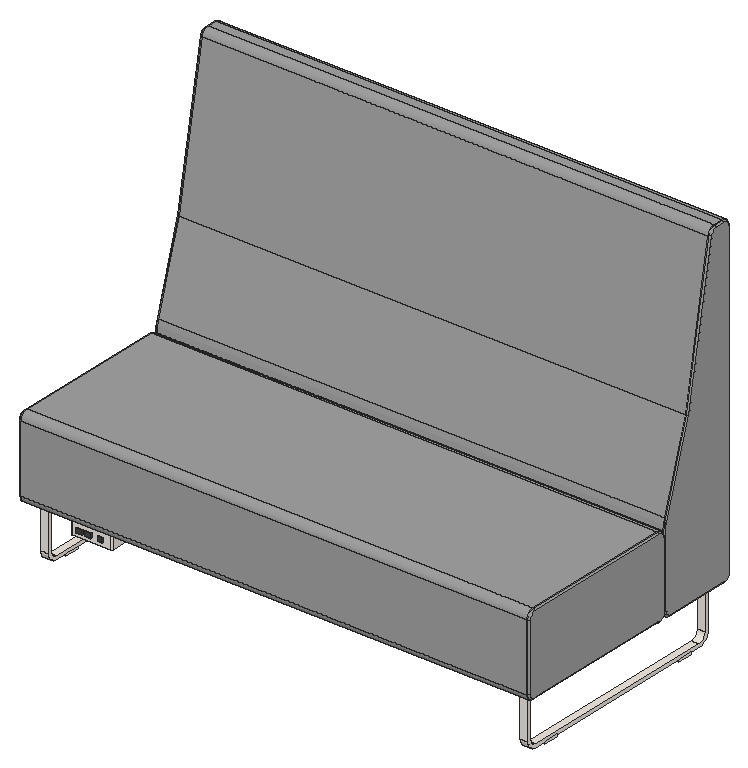
Revit family "Haworth_Riverbend_StraightBench", category Furniture, Revit 2018 (continued)
Definition of nested family "Haworth_Riverbend_PowerModule"
  Automatic sketch dimensions
    Masking region 1 sketch curve to plane 4 "Face Front" = 0"
    Masking region 1 sketch curve to plane 8 "Module - Right" = 0"  (x2)
    Masking region 1 sketch curve to plane 10 "Right" = 0"
    plane 1 "Back" to Masking region 1 sketch curve = 1/32"  (x2)
    Masking region 1 sketch curve to plane 10 "Right" = 1/8"
    Masking region 1 sketch curve to plane 5 "Bracket - Back" = 1/8"
    plane 9 "Left" to Masking region 1 sketch curve = 1/8"  (x2)
    Masking region 1 sketch curve to plane 9 "Left" = 0"
    curve 4 to plane 7 "Module - Left" = 0"
    curve 3 to plane 6 "Bracket - Front" = 0"
    curve 1 to plane 5 "Bracket - Back" = 0"
    curve 3 to plane 8 "Module - Right" = 0"
    Extrusion 1 sketch curve to Extrusion 1 sketch curve = 1/8"  (x3)
    Extrusion 1 sketch curve to Extrusion 1 sketch curve = 2"
    Extrusion 2 sketch curve to Extrusion 2 sketch curve = 1/32"
    Extrusion 2 sketch curve to Extrusion 2 sketch curve = 2 15/32"
    Extrusion 1 sketch curve to Extrusion 1 sketch curve = 6 1/4"
    Extrusion 1 sketch curve to Extrusion 1 sketch curve = 0"
    Extrusion 2 sketch curve to Extrusion 2 sketch curve = 1/4"  (x2)
    Extrusion 2 sketch curve to Extrusion 2 sketch curve = 5"
    Extrusion 2 sketch curve to Extrusion 2 sketch curve = 7/32"
    Extrusion 1 sketch curve to plane 9 "Left" = 0"
    Extrusion 2 sketch curve to plane 7 "Module - Left" = 0"
    Extrusion 1 sketch curve to plane 6 "Bracket - Front" = 0"
    Extrusion 2 sketch curve to plane 4 "Face Front" = 0"
Types (8): name | Width | Symbolic Line Controler | No Back | Mid Back | High Back | Actual Width
  33d 28w 31h - Mid Back | 28" | yes | no | yes | no | 28"
  33d 55w 31h - Mid Back | 55" | yes | no | yes | no | 55"
  33d 67w 31h - Mid Back | 67" | yes | no | yes | no | 67"
  33d 55w 50h - High Back | 55" | yes | no | no | yes | 55"
  33d 67w 50h - High Back | 67" | yes | no | no | yes | 67"
  33d 28w 18h - No Back | 28" | no | yes | no | no | 28"
  33d 55w 18h - No Back | 55" | no | yes | no | no | 55"
  33d 67w 18h - No Back | 67" | no | yes | no | no | 67"
